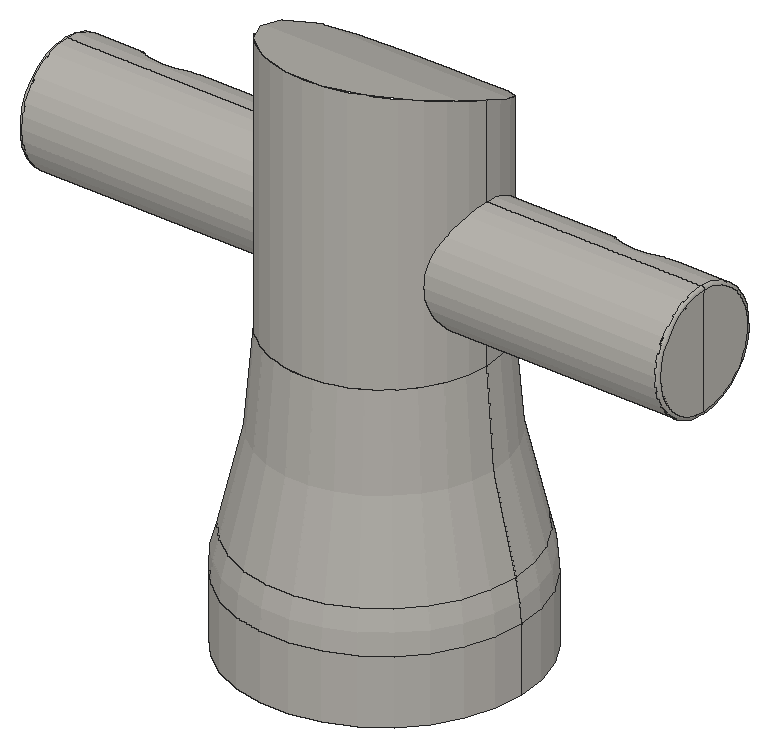
Revit family "Accessory-Robe_Hook-KOHLER-Toobi-K-5670_1", category Specialty Equipment, host Face, Revit 2015
Parameters (values of type "BN-Vibrant Brushed Nickel")
  Width = 3 3/8"  # constant formula
  WaterSense Certified = 1 = 0  # no
  URL = "https://www.us.kohler.com/us/"
  Type = 2
  Product Page URL = "http://www.us.kohler.com/us/catalog/productDetails.jsp?productNumber=5670"
  Product Name = "Toobi"  # constant formula
  Product Documentation Link = "https://www.us.kohler.com/webassets/kpna/catalog/pdf/en/K-5670_spec.pdf"
  Model = if(Type = 1, "K-5670-CP", if(Type = 2, "K-5670-BN", "NA"))  # "K-5670-BN"
  Material = "Premium Metal Construction"  # constant formula
  MasterFormat 2004 = "10.28.13"  # constant formula
  MasterFormat 1995 = "10820"  # constant formula
  Manufacturer Address = "444 Highland Dr, Kohler, WI 53044"  # constant formula
  Manufacturer = "KOHLER Co."  # constant formula
  Length = 3 15/16"  # constant formula
  Height = 1 11/16"  # constant formula
  Finish = Kohler-Metal-BN-Vibrant_Brushed_Nickel
  Environmental Product Declaration = ""
  Description = "Double robe hook"  # constant formula
  Default Elevation = 42"
  Declare Label = ""
  Date Modified = "02/19/2019"  # constant formula
  Date Created = "02/19/2019"  # constant formula
  Copyright = "Copyright KOHLER Co."  # constant formula
  Contact Us = "https://www.us.kohler.com/us/static/contact.jsp"
  Assembly Code = "C1030200"
  ADA Compliant = 1 = 0  # no
Types (3): name | Type | Model | Finish
  (no name) | 2 | "K-5670-BN" | Kohler-Metal-BN-Vibrant_Brushed_Nickel
  CP-Polished Chrome | 1 | "K-5670-CP" | Kohler-Metal-CP-Polished_Chrome
  BN-Vibrant Brushed Nickel | 2 | "K-5670-BN" | Kohler-Metal-BN-Vibrant_Brushed_Nickel
Reference planes (in)
  plane 1 "Center (Front/Back)": y = 0
  plane 2: z = 0
  plane 3 "Center (Left/Right)": x = 0
  plane 4: x = 1.96875
  plane 5: x = -1.96875
  plane 6: y = -0.84375
  plane 7: x = -0.84375
  plane 8: z = 3.375
  plane 9: y = 0.84375
  plane 10: x = 0.84375
  plane 11: z = 2.29134
Dimensions and locks (in)
  "Length": plane 5 to plane 4
  "Width": plane 8 to level
  "Height": plane 9 to plane 6
  aligned and locked: plane 2 to host face
  aligned and locked: level to host face
Automatic sketch dimensions
  host sketch curve to host sketch curve = 96"  (x2)
Nested families (in)
  nested 1: "K-5670" at (0, 0, 0), type "K-5670"
Definition of nested family "K-5670"
  Parameters (values of type "K-5670")
    Material = none
  Reference planes (in)
    plane 1 "Center (Front/Back)": y = 0
    plane 2: z = 0
    plane 3 "Center (Left/Right)": x = 0
    plane 4: y = -0.84375
    plane 5: x = -1.96875
    plane 6: x = 1.96875
    plane 7: z = 3.375
    plane 8: y = 0.84375
    plane 9: x = 0.84375
    plane 10: x = -0.84375
    plane 11: z = 2.29134
  Forms (in)
    Revolve 1, solid, material <- "Material", detail levels medium+fine
      sketch origin (0, 0, 0) x (1, 0, 0) y (0, 0, 1)
        loop
          line (-0.84646, 0) -> (0, 0) -> (0, 3.40464) -> (-0.62907, 3.40464) -> (-0.62907, 1.73867)
          arc (-0.62907, 1.73867) -> (-0.67406, 1.17929) -> (-0.80787, 0.63429) r 3.5
          arc (-0.80787, 0.63429) -> (-0.83707, 0.51467) -> (-0.84646, 0.3919) r 0.75547
          arc (-0.84646, 0.3919) -> (-0.84594, 0.19595) -> (-0.84646, 0) r 36.97512
        axis (0, 3.40464) -> (0, 0)
      angle from 0 to 360
    Revolve 2, solid, material <- "Material", detail levels medium+fine
      sketch origin (0, 0, 0) x (1, 0, 0) y (0, 0, 1)
        loop
          arc (-1.96875, 1.95722) -> (-1.96283, 1.94293) -> (-1.94854, 1.93701) r 0.02021
          line (-1.94854, 1.93701) -> (1.94889, 1.93701)
          arc (1.94889, 1.93701) -> (1.96293, 1.94282) -> (1.96875, 1.95686) r 0.01986
          line (1.96875, 1.95686) -> (1.96875, 2.29134) -> (-1.96875, 2.29134) -> (-1.96875, 1.95722)
        axis (-1.96875, 2.29134) -> (1.96875, 2.29134)
      angle from 0 to 360
    Extrusion 3, void
      sketch origin (0, 0, -0.00073) x (0, 1, 0) y (0, 0, 1)
        loop
          arc (-0.85478, 3.39949) -> (0.09881, 3.16255) -> (0.90672, 2.60328) r 2.72947
          line (0.90672, 2.60328) -> (1.27921, 3.13526) -> (-0.59993, 3.97191) -> (-0.85478, 3.39949)
      from -0.91369 to 0.99153
    Extrusion 4, void
      sketch origin (0, 0, 0) x (1, 0, 0) y (0, 1, 0)
        loop
          arc (-1.21767, 0.26866) -> (-1.18869, 0.35212) -> (-1.16073, 0.43593) r 7.23459
          line (-1.16073, 0.43593) -> (-1.74594, 0.43593)
          arc (-1.74594, 0.43593) -> (-1.71798, 0.35212) -> (-1.689, 0.26866) r 7.23459
          arc (-1.689, 0.26866) -> (-1.45334, 0.10211) -> (-1.21767, 0.26866) r 0.25
      from 0 to 12
    Extrusion 5, void
      sketch origin (0, 0, 0) x (-1, 0, 0) y (0, -1, 0)
        loop
          arc (-1.21767, -0.26866) -> (-1.45334, -0.10211) -> (-1.689, -0.26866) r 0.25
          arc (-1.689, -0.26866) -> (-1.71798, -0.35212) -> (-1.74594, -0.43593) r 7.23459
          line (-1.74594, -0.43593) -> (-1.16073, -0.43593)
          arc (-1.16073, -0.43593) -> (-1.18869, -0.35212) -> (-1.21767, -0.26866) r 7.23459
      from 0 to 12
    Revolve 6, solid, material <- "Material", detail levels coarse
      sketch origin (0, 0, 0) x (1, 0, 0) y (0, 0, 1)
        loop
          line (0, 0) -> (0, 3.375) -> (-0.62907, 3.375) -> (-0.62907, 1.73867) -> (-0.84653, 0.4593) -> (-0.84653, 0) -> (0, 0)
        axis (0, 3.375) -> (0, 0)
      angle from 0 to 360
    Extrusion 7, solid, material <- "Material", detail levels coarse
      sketch origin (0, 0, 0) x (0, 1, 0) y (0, 0, 1)
        loop
          circle (0, 2.29134) r 0.35434
      from -1.96875 to 1.96875
  Cuts and joins
    Extrusion 3 cuts Revolve 1
    Extrusion 3, Extrusion 4, Extrusion 5 cuts Revolve 2
    joined: Revolve 1, Revolve 2
    joined: Revolve 6, Extrusion 7
  Lines and regions (in)
    Masking region 1
      outline origin (0, 0, 0) x (1, 0, 0) y (0, 0, 1)
        loop
          line (-0.84375, 0) -> (0, 0) -> (0.84375, 0) -> (0.84375, 0.3919)
          arc (0.84375, 0.3919) -> (0.83473, 0.51442) -> (0.80787, 0.63429) r 0.83669
          arc (0.80787, 0.63429) -> (0.67406, 1.17929) -> (0.62907, 1.73867) r 3.5
          line (0.62907, 1.73867) -> (0.62907, 1.93701) -> (1.94801, 1.93701)
          arc (1.94801, 1.93701) -> (1.96268, 1.94308) -> (1.96875, 1.95775) r 0.02074
          line (1.96875, 1.95775) -> (1.96875, 2.6248)
          arc (1.96875, 2.6248) -> (1.96263, 2.63956) -> (1.94787, 2.64568) r 0.02088
          line (1.94787, 2.64568) -> (0.62907, 2.64568) -> (0.62907, 3.20397)
          spline (0.62907, 3.20397) -> (0.60934, 3.26194) -> (0.54949, 3.30735) -> (0.45131, 3.34001) -> (0.32048, 3.36063) -> (0.16631, 3.3716) -> (0.00012, 3.375) -> (-0.16614, 3.3716) -> (-0.32039, 3.36064) -> (-0.45112, 3.34006) -> (-0.54937, 3.30739) -> (-0.60935, 3.26195) -> (-0.62907, 3.20397)
          line (-0.62907, 3.20397) -> (-0.62907, 2.64568) -> (-1.94787, 2.64568)
          arc (-1.94787, 2.64568) -> (-1.96263, 2.63956) -> (-1.96875, 2.6248) r 0.02088
          line (-1.96875, 2.6248) -> (-1.96875, 1.95775)
          arc (-1.96875, 1.95775) -> (-1.96268, 1.94308) -> (-1.94801, 1.93701) r 0.02074
          line (-1.94801, 1.93701) -> (-0.62907, 1.93701) -> (-0.62907, 1.73867)
          arc (-0.62907, 1.73867) -> (-0.67406, 1.17929) -> (-0.80787, 0.63429) r 3.5
          arc (-0.80787, 0.63429) -> (-0.83473, 0.51442) -> (-0.84375, 0.3919) r 0.83669
          line (-0.84375, 0.3919) -> (-0.84375, 0)
    Masking region 2
      outline origin (0, 0, 0) x (0, 1, 0) y (0, 0, 1)
        loop
          arc (-0.80082, 0.66187) -> (-0.83296, 0.51805) -> (-0.84375, 0.37108) r 1.00638
          line (-0.84375, 0.37108) -> (-0.84375, 0) -> (0.84375, 0) -> (0.84375, 0.37108)
          arc (0.84375, 0.37108) -> (0.83296, 0.51805) -> (0.80082, 0.66187) r 1.00638
          arc (0.80082, 0.66187) -> (0.69592, 1.06602) -> (0.63794, 1.47952) r 3.64289
          arc (0.63794, 1.47952) -> (0.62665, 1.69524) -> (0.62817, 1.91125) r 3.64289
          line (0.62817, 1.91125) -> (0.62817, 2.84692)
          arc (0.62817, 2.84692) -> (0.03325, 3.19119) -> (-0.62907, 3.375) r 2.71472
          line (-0.62907, 3.375) -> (-0.62799, 1.90652)
          arc (-0.62799, 1.90652) -> (-0.62671, 1.69288) -> (-0.63794, 1.47952) r 3.64289
          arc (-0.63794, 1.47952) -> (-0.69592, 1.06602) -> (-0.80082, 0.66187) r 3.64289
    Masking region 3
      outline origin (0, 0, 0) x (1, 0, 0) y (0, 1, 0)
        loop
          arc (-1.21767, 0.26866) -> (-1.45334, 0.10211) -> (-1.689, 0.26866) r 0.25
          line (-1.689, 0.26866) -> (-1.71918, 0.35389) -> (-1.94829, 0.35389)
          arc (-1.94829, 0.35389) -> (-1.96276, 0.3479) -> (-1.96875, 0.33343) r 0.02046
          line (-1.96875, 0.33343) -> (-1.96875, -0.33363)
          arc (-1.96875, -0.33363) -> (-1.96268, -0.34829) -> (-1.94802, -0.35436) r 0.02073
          line (-1.94802, -0.35436) -> (-0.76573, -0.35436)
          arc (-0.76573, -0.35436) -> (0, -0.84375) -> (0.76573, -0.35436) r 0.84375
          line (0.76573, -0.35436) -> (1.94802, -0.35436)
          arc (1.94802, -0.35436) -> (1.96268, -0.34829) -> (1.96875, -0.33363) r 0.02073
          line (1.96875, -0.33363) -> (1.96875, 0.33343)
          arc (1.96875, 0.33343) -> (1.96276, 0.3479) -> (1.94829, 0.35389) r 0.02046
          line (1.94829, 0.35389) -> (1.71918, 0.35389) -> (1.689, 0.26866)
          arc (1.689, 0.26866) -> (1.45334, 0.10211) -> (1.21767, 0.26866) r 0.25
          line (1.21767, 0.26866) -> (1.18713, 0.35389) -> (0.76595, 0.35389)
          arc (0.76595, 0.35389) -> (0, 0.84375) -> (-0.76595, 0.35389) r 0.84375
          line (-0.76595, 0.35389) -> (-1.18713, 0.35389) -> (-1.21767, 0.26866)
    symbolic lines, detail levels medium+fine
      curve 1: line (0.62907, 0, 2.64568) -> (0.62907, 0, 1.93701)
      curve 2: line (-0.62907, 0, 1.93701) -> (-0.62907, 0, 2.64568)
      curve 3: spline (-1.68896, 0, 2.52237) -> (-1.698, 0, 2.48962) -> (-1.70559, 0, 2.45378) -> (-1.71162, 0, 2.41543) -> (-1.716, 0, 2.37515) -> (-1.71865, 0, 2.33357) -> (-1.71954, 0, 2.29134) -> (-1.71865, 0, 2.24911) -> (-1.716, 0, 2.20753) -> (-1.71162, 0, 2.16725) -> (-1.70559, 0, 2.1289) -> (-1.698, 0, 2.09307) -> (-1.68896, 0, 2.06031)
      curve 4: spline (1.68896, 0, 2.06031) -> (1.698, 0, 2.09307) -> (1.70559, 0, 2.1289) -> (1.71162, 0, 2.16725) -> (1.716, 0, 2.20753) -> (1.71865, 0, 2.24911) -> (1.71954, 0, 2.29134) -> (1.71865, 0, 2.33357) -> (1.716, 0, 2.37515) -> (1.71162, 0, 2.41543) -> (1.70559, 0, 2.45378) -> (1.698, 0, 2.48962) -> (1.68896, 0, 2.52237)
      curve 5: spline (1.21771, 0, 2.52237) -> (1.20867, 0, 2.48962) -> (1.20108, 0, 2.45378) -> (1.19505, 0, 2.41543) -> (1.19068, 0, 2.37515) -> (1.18802, 0, 2.33357) -> (1.18713, 0, 2.29134) -> (1.18802, 0, 2.24911) -> (1.19068, 0, 2.20753) -> (1.19505, 0, 2.16725) -> (1.20108, 0, 2.1289) -> (1.20867, 0, 2.09307) -> (1.21771, 0, 2.06031)
      curve 6: line (1.68896, 0, 2.52237) -> (1.21771, 0, 2.52237)
      curve 7: line (1.21771, 0, 2.06031) -> (1.68896, 0, 2.06031)
      curve 8: spline (-1.21771, 0, 2.06031) -> (-1.20867, 0, 2.09307) -> (-1.20108, 0, 2.1289) -> (-1.19505, 0, 2.16725) -> (-1.19068, 0, 2.20753) -> (-1.18802, 0, 2.24911) -> (-1.18713, 0, 2.29134) -> (-1.18802, 0, 2.33357) -> (-1.19068, 0, 2.37515) -> (-1.19505, 0, 2.41543) -> (-1.20108, 0, 2.45378) -> (-1.20867, 0, 2.48962) -> (-1.21771, 0, 2.52237)
      curve 9: line (-1.21771, 0, 2.52237) -> (-1.68896, 0, 2.52237)
      curve 10: line (-1.68896, 0, 2.06031) -> (-1.21771, 0, 2.06031)
      curve 11: line (-0.62907, 0, 3.20489) -> (0.62907, 0, 3.20489)
      curve 12: line (0.84646, 0, 0.3919) -> (-0.84646, 0, 0.3919)
      curve 13: line (0, -0.84646, 0.37108) -> (0, 0.84646, 0.37108)
      curve 14: arc (0, 0, 1.93701) -> (0, 0.35434, 2.29134) -> (0, 0, 2.64568) r 0.35434
      curve 15: arc (0, 0, 2.64568) -> (0, -0.35434, 2.29134) -> (0, 0, 1.93701) r 0.35434
      curve 16: arc (-0.51976, -0.35436, 0) -> (-0.62907, -0.00028, 0) -> (-0.52008, 0.35389, 0) r 0.62907
      curve 17: arc (0.62907, 0, 0) -> (0.60112, -0.18542, 0) -> (0.51976, -0.35436, 0) r 0.62907
      curve 18: line (-0.76893, 0.35389, 0) -> (-0.52008, 0.35389, 0)
      curve 19: line (0.76893, 0.35389, 0) -> (0.52008, 0.35389, 0)
      curve 20: line (0.76871, -0.35436, 0) -> (0.51976, -0.35436, 0)
      curve 21: line (-0.76871, -0.35436, 0) -> (-0.51976, -0.35436, 0)
      curve 22: arc (0.51976, -0.35436, 0) -> (0, -0.62907, 0) -> (-0.51976, -0.35436, 0) r 0.62907
      curve 23: arc (-0.52008, 0.35389, 0) -> (0, 0.62907, 0) -> (0.52008, 0.35389, 0) r 0.62907
      curve 24: arc (0.52008, 0.35389, 0) -> (0.6012, 0.18515, 0) -> (0.62907, 0, 0) r 0.62907
  Dimensions and locks (in)
    plane 5 to plane 6 = 3 15/16"  (x2)
    plane 7 to level = 3 3/8"  (x3)
    aligned and locked: plane 2 to level
